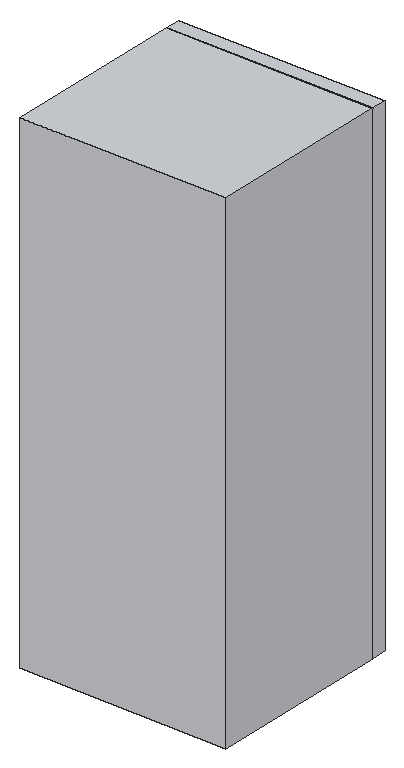
Revit family "Upper Cabinet - 1 Door", category 케이스워크, Revit 2026
Family settings
  호스트 = 벽
  항상 수직 = 예
  로드될 때 보이드를 사용하여 절단 = 아니오
  공유 = 아니오
  룸 계산 점 = 아니오
Parameters (values of type "720 x 300 x 290mm")
  기본 높이 = 0 mm
  Materiale = none
  제조업체 = "Revit"
  Maniglia = none
  Assembly Code = ""
Reference planes
  plane 1: y = 0
  plane 2 "Center (Left/Right)": x = 125
  plane 3 "Back": y = 75
  plane 4: z = 2039.786
  plane 5: z = 1319.786
  plane 6: x = 275
  plane 7: x = -25
  plane 8: y = 365
Forms (mm)
  Extrusion 1, solid, material <- "Materiale"
    sketch origin (0, 0, 0) x (1, 0, 0) y (0, 1, 0)
      loop
        line (-25, 343) -> (-25, 75) -> (275, 75) -> (275, 343) -> (253, 343) -> (253, 97) -> (-3, 97) -> (-3, 343) -> (-25, 343)
    from 1341.786 to 2017.786
  Extrusion 2, solid, material <- "Materiale"
    sketch origin (0, 0, 2017.786) x (1, 0, 0) y (0, 1, 0)
      loop
        line (-25, 343) -> (-25, 75) -> (275, 75) -> (275, 343) -> (-25, 343)
    from 0 to 22
  Extrusion 3, solid, material <- "Materiale"
    sketch origin (0, 0, 1319.786) x (1, 0, 0) y (0, 1, 0)
      loop
        line (-25, 343) -> (-25, 75) -> (275, 75) -> (275, 343) -> (-25, 343)
    from 0 to 22
  Extrusion 4, solid, material <- "Materiale"
    sketch origin (275, 343, 2017.786) x (0, 0, -1) y (-1, 0, 0)
      loop
        line (-22, 0) -> (698, 0) -> (698, 300) -> (-22, 300) -> (-22, 0)
    from 0 to 22
Cuts and joins
  joined: Extrusion 1, Extrusion 2, Extrusion 3
Text (mm)
  text "Placement side" at (-1343.702, 674.496, 0), in view "Ref. Level"
  text "Placement side" at (0, 1232.041, 2958.779), in view "Left"
  text "Placement side" at (0, 590.385, 3035.99), in view "Right"
Dimensions and locks
  locked: plane 3 "Back" to host wall at 0
  locked: plane 3 "Back" to plane 8 at 290
  equal spacing: plane 7, plane 2 "Center (Left/Right)", plane 6
  plane 5 to plane 4 = 720 mm
  aligned and locked: plane 1 to host wall
  aligned and locked: Extrusion 1 sketch curve to plane 7
  aligned and locked: plane 6 to Extrusion 1 sketch curve
  aligned and locked: plane 3 "Back" to Extrusion 1 sketch curve
  aligned and locked: Extrusion 2 to plane 4
  aligned and locked: Extrusion 1 to Extrusion 2
  aligned and locked: Extrusion 1 to Extrusion 3
  aligned and locked: plane 5 to Extrusion 3
  aligned and locked: Extrusion 4 sketch curve to Extrusion 2  (x2)
  aligned and locked: Extrusion 4 sketch curve to Extrusion 3  (x2)
  aligned and locked: plane 8 to nested 1
Automatic sketch dimensions
  plane 7 to Extrusion 1 sketch curve = 22 mm
  Extrusion 1 sketch curve to plane 6 = 22 mm
  host wall to Extrusion 1 sketch curve = 22 mm
  plane 8 to Extrusion 1 sketch curve = 22 mm  (x2)
  Extrusion 2 sketch curve to host wall = 0 mm
  Extrusion 2 sketch curve to plane 7 = 0 mm
  Extrusion 2 sketch curve to plane 6 = 0 mm
  plane 8 to Extrusion 2 sketch curve = 22 mm
  Extrusion 3 sketch curve to host wall = 0 mm
  Extrusion 3 sketch curve to plane 7 = 0 mm
  Extrusion 3 sketch curve to plane 6 = 0 mm
  plane 8 to Extrusion 3 sketch curve = 22 mm
Nested families
  nested 1: "Casework Handle" at (399.877, 388, 1369.786), type "220 x 23mm"
Definition of nested family "Casework Handle"
  Parameters
    Default Elevation = 0 mm
    Material = none
  Reference planes
    plane 1 "Center (Front/Back)": y = 0
    plane 2: z = 0
    plane 3 "Center (Left/Right)": x = -274.877
    plane 4: x = -384.877
    plane 5: x = -164.877
    plane 6: y = 23
    plane 7: z = 12
  Forms (mm)
    Sweep 1, solid, material <- "Material"
      path origin (0, 0, 0) x (1, 0, 0) y (0, 1, 0)
        loop
          line (-384.877, 23) -> (-384.877, 2.5)
          arc (-384.877, 2.5) -> (-384.145, 0.732) -> (-382.377, 0) r 2.5
          line (-382.377, 0) -> (-167.377, 0)
          arc (-167.377, 0) -> (-165.609, 0.732) -> (-164.877, 2.5) r 2.5
          line (-164.877, 2.5) -> (-164.877, 23)
      profile origin (0, 12.75, 0) x (1, 0, 0) y (0, 0, 1)
        loop
          line (-384.877, 0) -> (-382.877, 0) -> (-382.877, 12) -> (-384.877, 12) -> (-384.877, 0)
    Extrusion 2, solid, material <- "Material"
      sketch origin (0, 0, 0) x (1, 0, 0) y (0, 1, 0)
        loop
          arc (-382.877, 2.5) -> (-382.731, 2.146) -> (-382.377, 2) r 0.5
          line (-382.377, 2) -> (-167.377, 2)
          arc (-167.377, 2) -> (-167.023, 2.146) -> (-166.877, 2.5) r 0.5
          line (-166.877, 2.5) -> (-166.877, 23) -> (-382.877, 23) -> (-382.877, 2.5)
      from 2.765 to 9.254
  Dimensions and locks
    equal spacing: plane 4, plane 3 "Center (Left/Right)", plane 5
